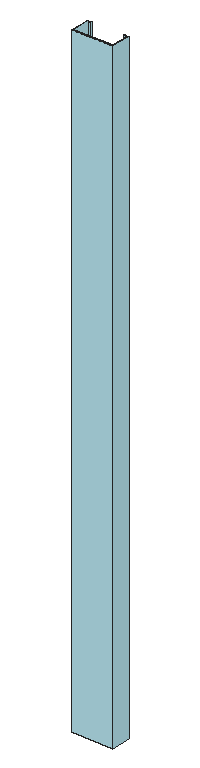
Revit family "as65x30x7x1-0", category 機械設備, Revit 2022
Family settings
  丸型コネクタ寸法 = 直径を使用
  種別 = なし
  パーツ タイプ = 標準
  作業面ベース = いいえ
  常に垂直 = はい
  ロード時にボイドで切り取り = いいえ
  注釈の向きを維持 = いいえ
  共有 = いいえ
  部屋計算ポイント = いいえ
Parameters
  製造元 = "株式会社桐井製作所"
  既定の高さ = 0 mm
  URL = "https://www.kirii.co.jp/"
  K_長さ(mm) [instance] = 1000 mm
  K_外形寸法(mm) = "65×30×7×1.0"
  K_品名 = "リップ付チャンネルAS-65×30×7×1.0"
  K_名称 = "斜め部材(ブレース材)"
  K_バージョン情報 = "20210714"
Reference planes
  plane 1 "中心(正面/背面)": y = 0
  plane 2: z = 0
  plane 3 "中心(左/右)": x = 0
  plane 4: x = 32.5
  plane 5: x = -32.5
  plane 6: z = 1000
  plane 7: y = 30
Forms (mm)
  Extrusion 1, solid
    sketch origin (0, 1, 0) x (1, 0, 0) y (0, 1, 0)
      loop
        line (-32.5, 29) -> (-32.5, -1) -> (32.5, -1) -> (32.5, 29) -> (25.5, 29) -> (25.5, 28) -> (31.5, 28) -> (31.5, 0) -> (-31.5, 0) -> (-31.5, 28) -> (-25.5, 28) -> (-25.5, 29) -> (-32.5, 29)
    from 0 to 1000
Dimensions and locks
  "K_長さ(mm)": plane 6 to plane 2
  aligned and locked: level to plane 2
  aligned and locked: plane 6 to Extrusion 1
Automatic sketch dimensions
  plane 1 "中心(正面/背面)" to Extrusion 1 sketch curve = 0 mm
  Extrusion 1 sketch curve to plane 5 = 0 mm
  plane 7 to Extrusion 1 sketch curve = 0 mm  (x2)
  Extrusion 1 sketch curve to plane 4 = 0 mm
  plane 5 to Extrusion 1 sketch curve = 1 mm
  Extrusion 1 sketch curve to Extrusion 1 sketch curve = 6 mm
  Extrusion 1 sketch curve to plane 4 = 7 mm
  Extrusion 1 sketch curve to plane 4 = 1 mm
  Extrusion 1 sketch curve to plane 1 "中心(正面/背面)" = 1 mm
  plane 7 to Extrusion 1 sketch curve = 1 mm  (x2)
